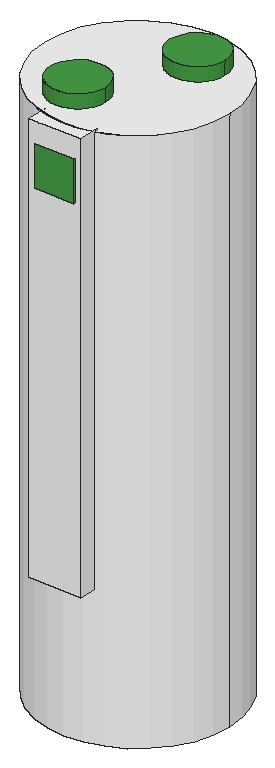
Revit family "RSJ-15-185RDN7-L1", category Mechanical Equipment, Revit 2013
Parameters (values of type "RSJ-15/185RDN7-L1")
  clearance access up = 0.000 mm
  clearance access right = 0.000 mm
  clearance access left = 0.000 mm
  clearance [instance] = no
  Width = 595.000 mm
  Water outlet pipe = 20.000 mm
  Water inlet pipe = 20.000 mm
  URL = ""
  Storage size = 185.0 L
  Series = "Combo"
  Power supply = "1 phase, 220-240V, 50Hz"
  Panel color = "Polar white"
  PTR valve joint = 0.000 mm
  Net Weight = 91.00 kg
  Model = "RSJ-15/185RDN7-L1"
  Min cable selection (power wiring) = ""
  Maximum Fuse Amps = 0 A
  Max. current = 0 A
  Manufacturer = ""
  Machine material = Galvanized Steel
  Length = 560.000 mm
  Installation = "Unit installation"
  Height = 1730.000 mm
  Heat pump Water heating Capacity = 0 W
  Gas = "R290"
  Drain pipe = 20.000 mm
  Description = "Heat Pump Water"
  Condensation = ""
  Air  Flow = "350 m3/h"
Reference planes
  plane 1 "center(front/back)": y = 0
  plane 2: z = 0
  plane 3 "center(left/right)": x = 0
  plane 4: y = -315
  plane 5: y = 280
  plane 6: y = -220
  plane 7: x = 325
  plane 8: x = -325
  plane 9: z = 1707
  plane 10: z = 69.235
  plane 11: x = -79
  plane 12: x = 79
Forms (mm)
  Extrusion 1, solid, material "HXL White", detail levels medium+fine
    sketch origin (0, 0, 0) x (1, 0, 0) y (0, 1, 0)
      loop
        circle (0, 0) r 280
    from 1667 to 0
  Extrusion 2, solid, material "HXL White", detail levels fine
    sketch origin (0, 0, -20) x (0, 1, 0) y (0, 0, 1)
      loop
        line (-315, 1687) -> (-315, 440) -> (-255, 440) -> (-255, 1687) -> (-315, 1687)
    from 79 to -79
  Extrusion 3, solid, material "HXL Green"
    sketch origin (-70, -140, 0) x (1, 0, 0) y (0, 1, 0)
      loop
        circle (0, 0) r 83.5
    from 1707 to 1667
  Extrusion 4, solid, material "HXL Green"
    sketch origin (0, 0, 220) x (1, 0, 0) y (0, 0, 1)
      loop
        line (-60, 1386.001) -> (-60, 1266.001) -> (60, 1266.001) -> (60, 1386.001) -> (-60, 1386.001)
    from 317 to 315
  Extrusion 5, solid, material "HXL Green"
    sketch origin (70, 140, 0) x (-1, 0, 0) y (0, -1, 0)
      loop
        circle (0, 0) r 83.5
    from 1707 to 1667
  Extrusion 6, solid, material "HXL White"
    sketch origin (-5.25, -79, 0) x (0, -1, 0) y (0, 0, 1)
      loop
        circle (-79, 1206.276) r 10
    from 289.75 to 230.86
  Extrusion 7, solid, material "HXL White"
    sketch origin (-34.566, -63.68, 0) x (-0.258819, -0.965926, 0) y (0, 0, 1)
      loop
        circle (-79, 1206.276) r 10
    from 289.75 to 230.86
  Extrusion 8, solid, material "HXL White"
    sketch origin (-5.25, -79, -1020) x (0, -1, 0) y (0, 0, 1)
      loop
        circle (-79, 1206.276) r 10
    from 289.75 to 230.86
Lines and regions (mm)
  model lines
    curve 1: arc (280, 0, 1667) -> (0, 280, 1667) -> (-280, 0, 1667) r 280
    curve 2: arc (-280, 0, 1667) -> (0, -280, 1667) -> (280, 0, 1667) r 280
    curve 3: arc (280, 0, 0) -> (0, 280, 0) -> (-280, 0, 0) r 280
    curve 4: arc (-280, 0, 0) -> (0, -280, 0) -> (280, 0, 0) r 280
Dimensions and locks
  aligned and locked: level to plane 2
  aligned and locked: plane 9 to Extrusion 5
Connectors
  electrical at (0, -315, 1043.5)
    settings: on Extrusion 2, index 5, voltage 220 V, apparent load 0 VA, apparent load phase1 0 VA, apparent load phase2 0 VA, apparent load phase3 0 VA, power factor 1, load classification "Other", number of poles 1, system type 30, power factor state 1, is connector primary yes, connector utility no, sub classification motor no, connector description ""
  piping at (-295, 0, 1206.276)
    settings: on Extrusion 6, index 6, connector radius 10 mm, flow factor 0, pipe flow 0.0 m³/h, pressure drop 0.0 Pa, fitting loss kfactor 0, connector angle 0.00°, fixture units 0, engagement length 0.000 mm, flow configuration 0, flow direction 0, fitting loss method 0, system type 7, joint type 0, gender type 0, connector reference index -1, connector utility 0, adjustable connector no, is connector primary yes, fitting loss table "", connector description ""
  piping at (-293.997, 87.621, 1206.276)
    settings: on Extrusion 7, index 7, connector radius 10 mm, flow factor 0, pipe flow 0.0 m³/h, pressure drop 0.0 Pa, fitting loss kfactor 0, connector angle 0.00°, fixture units 0, engagement length 0.000 mm, flow configuration 0, flow direction 0, fitting loss method 0, system type 7, joint type 0, gender type 0, connector reference index -1, connector utility 0, adjustable connector no, is connector primary no, fitting loss table "", connector description ""
  piping at (-295, 0, 186.276)
    settings: on Extrusion 8, index 8, connector radius 10 mm, flow factor 0, pipe flow 0.0 m³/h, pressure drop 0.0 Pa, fitting loss kfactor 0, connector angle 0.00°, fixture units 0, engagement length 0.000 mm, flow configuration 0, flow direction 0, fitting loss method 0, system type 7, joint type 0, gender type 0, connector reference index -1, connector utility 0, adjustable connector no, is connector primary no, fitting loss table "", connector description ""
